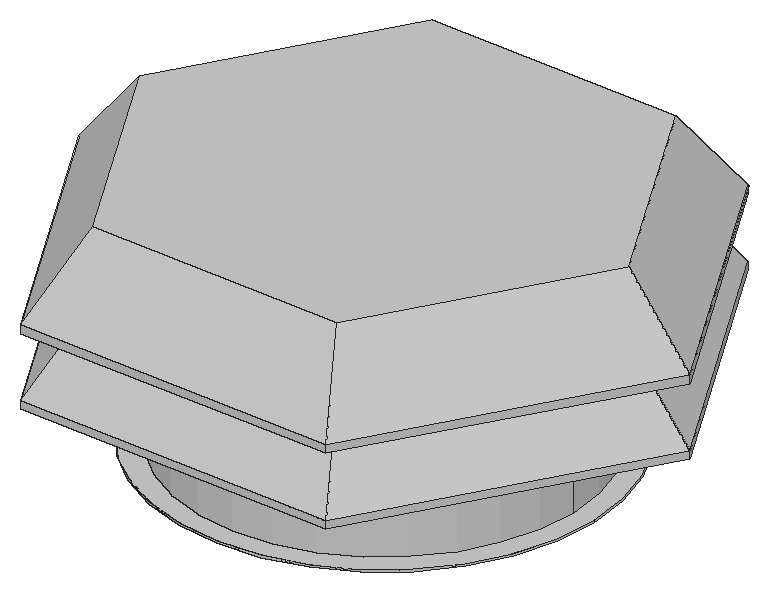
Revit family "З-ВО", category Арматура воздуховодов, Revit 2021
Family settings
  Размер круглого соединителя = Использовать диаметр
  Тип детали = Присоединяется
  На основе рабочей плоскости = Нет
  Всегда вертикально = Да
  При загрузке вырезать с полостями = Нет
  Общий = Нет
Parameters (values of type "З-ВО-1000")
  Отметка по умолчанию = 0 mm
  Вес = "83 кг"
  h1 = (H - h) / 2  # 200 mm
  a1 = A1 / sqrt(3)  # 648.48 mm
  a = A / sqrt(3)  # 810.6 mm
  Load Classification = "HVAC"
  H = 640 mm
  Dy = 1000 mm
  A1 = A / 1.25  # 1123.2 mm
  A = 1404 mm
  h = 240 mm
  Maintenance zone material = none
  Grid Material = Условный материал-отделка
  D2 = 1115 mm
  Dn = Dy + 5 mm  # 1005 mm
  Casing Material = Условный материал-отделка
  09_System_Name [instance] = ""
  00_20_Type = "З-ВО-1000"
  00_20_Name = "Зонт"
  00_20_Manufacturer = "Вентс"  # constant formula
Types (12, lengths in mm): name | Вес | h1 | a1 | a | H | Dy | A1 | A | h | D2 | Dn | 00_20_Type
  (no name) | "83 кг" | 200 | 648.48 | 810.6 | 640 | 1000 | 1123.2 | 1404 | 240 | 1115 | 1005 | "З-ВО-1000"
  З-ВО-400 | "10 кг" | 84.5 | 282.671 | 353.338 | 319 | 400 | 489.6 | 612 | 150 | 490 | 405 | "З-ВО-400"
  З-ВО-450 | "11 кг" | 84.5 | 310.384 | 387.979 | 319 | 450 | 537.6 | 672 | 150 | 540 | 455 | "З-ВО-450"
  З-ВО-1250 | "115 кг" | 200 | 788.43 | 985.537 | 685 | 1250 | 1365.6 | 1707 | 285 | 1400 | 1255 | "З-ВО-1250"
  З-ВО-500 | "14 кг" | 100 | 342.715 | 428.394 | 350 | 500 | 593.6 | 742 | 150 | 600 | 505 | "З-ВО-500"
  З-ВО-560 | "16 кг" | 100 | 364.885 | 456.107 | 350 | 560 | 632 | 790 | 150 | 660 | 565 | "З-ВО-560"
  З-ВО-630 | "20 кг" | 104.5 | 397.217 | 496.521 | 359 | 630 | 688 | 860 | 150 | 730 | 635 | "З-ВО-630"
  З-ВО-710 | "31 кг" | 135 | 456.338 | 570.422 | 420 | 710 | 790.4 | 988 | 150 | 810 | 715 | "З-ВО-710"
  З-ВО-800 | "42 кг" | 142.5 | 495.136 | 618.919 | 475 | 800 | 857.6 | 1072 | 190 | 900 | 805 | "З-ВО-800"
  З-ВО-900 | "57 кг" | 158.5 | 549.176 | 686.469 | 527 | 900 | 951.2 | 1189 | 210 | 1015 | 905 | "З-ВО-900"
  З-ВО-1000 | "83 кг" | 200 | 648.48 | 810.6 | 640 | 1000 | 1123.2 | 1404 | 240 | 1115 | 1005 | "З-ВО-1000"
  З-ВО-1120 | "99 кг" | 200 | 716.838 | 896.048 | 655 | 1120 | 1241.6 | 1552 | 255 | 1270 | 1125 | "З-ВО-1120"
Reference planes
  plane 1 "По центру (Вперед/Назад)": y = 0
  plane 2: z = 0
  plane 3 "По центру (Влево/Вправо)": x = 0
  plane 4: z = 640
Forms (mm)
  Extrusion 1, solid, material "Условный материал-отделка" <- "Casing Material"
    sketch origin (0, 0, 0) x (1, 0, 0) y (0, 1, 0)
      loop
        circle (0, 0) r 500
      loop
        circle (0, 0) r 557.5
    from 0 to 5
  Extrusion 2, solid, material "Условный материал-отделка" <- "Casing Material"
    sketch origin (0, 0, 0) x (1, 0, 0) y (0, 1, 0)
      loop
        circle (0, 0) r 500
      loop
        circle (0, 0) r 502.5
    from 5 to 235
  Extrusion 3, solid, material "Условный материал-отделка" <- "Casing Material"
    sketch origin (0, 0, 0) x (1, 0, 0) y (0, 1, 0)
      loop
        circle (0, 0) r 500
      loop
        circle (0, 0) r 557.5
    from 235 to 240
  Extrusion 4, solid, material "Условный материал-отделка" <- "Casing Material"
    sketch origin (0, 0, 0) x (1, 0, 0) y (0, 1, 0)
      loop
        line (810.6, 0) -> (405.3, 702) -> (-405.3, 702) -> (-810.6, 0) -> (-405.3, -702) -> (405.3, -702) -> (810.6, 0)
      loop
        circle (0, 0) r 500
    from 240 to 260
  Blend 5, solid, material "Условный материал-отделка" <- "Casing Material"
    base sketch origin (0, 0, 0) x (1, 0, 0) y (0, 1, 0)
      loop
        line (-405.3, 702) -> (-810.6, 0) -> (-405.3, -702) -> (405.3, -702) -> (810.6, 0) -> (405.3, 702) -> (-405.3, 702)
    top sketch origin (0, 0, 0) x (1, 0, 0) y (0, 1, 0)
      loop
        line (-324.24, 561.6) -> (-648.48, 0) -> (-324.24, -561.6) -> (324.24, -561.6) -> (648.48, 0) -> (324.24, 561.6) -> (-324.24, 561.6)
    from 260 to 460
  Blend 6, solid, material "Условный материал-отделка" <- "Casing Material"
    base sketch origin (0, 0, 0) x (1, 0, 0) y (0, 1, 0)
      loop
        line (-405.3, 702) -> (-810.6, 0) -> (-405.3, -702) -> (405.3, -702) -> (810.6, 0) -> (405.3, 702) -> (-405.3, 702)
    top sketch origin (0, 0, 0) x (1, 0, 0) y (0, 1, 0)
      loop
        line (-324.24, 561.6) -> (-648.48, 0) -> (-324.24, -561.6) -> (324.24, -561.6) -> (648.48, 0) -> (324.24, 561.6) -> (-324.24, 561.6)
    from 440 to 640
  Extrusion 7, solid, material "Условный материал-отделка" <- "Casing Material"
    sketch origin (0, 0, 0) x (1, 0, 0) y (0, 1, 0)
      loop
        line (405.3, -702) -> (810.6, 0) -> (405.3, 702) -> (-405.3, 702) -> (-810.6, 0) -> (-405.3, -702) -> (405.3, -702)
    from 420 to 440
Dimensions and locks
  locked: level to Extrusion 1 at 5
  locked: Extrusion 3 to Extrusion 3 at 5
  "h": level to Extrusion 3
  equal spacing: Extrusion 4 sketch curve, plane 3 "По центру (Влево/Вправо)", Extrusion 4 sketch curve  (x2)
  "a": Extrusion 4 sketch curve to Extrusion 4 sketch curve  (x2)
  "A": Extrusion 4 sketch curve to Extrusion 4 sketch curve
  equal spacing: Extrusion 4 sketch curve, plane 1 "По центру (Вперед/Назад)", Extrusion 4 sketch curve
  locked: Extrusion 4 to Extrusion 4 at 20
  "A": Blend 5 sketch curve to Blend 5 sketch curve
  "a": Blend 5 sketch curve to Blend 5 sketch curve  (x2)
  equal spacing: Blend 5 sketch curve, plane 3 "По центру (Влево/Вправо)", Blend 5 sketch curve  (x4)
  equal spacing: Blend 5 sketch curve, plane 1 "По центру (Вперед/Назад)", Blend 5 sketch curve  (x2)
  "A1": Blend 5 sketch curve to Blend 5 sketch curve
  "a1": Blend 5 sketch curve to Blend 5 sketch curve  (x2)
  "h1": Blend 5 to Blend 5
  equal spacing: Blend 6 sketch curve, plane 1 "По центру (Вперед/Назад)", Blend 6 sketch curve  (x2)
  "A": Blend 6 sketch curve to Blend 6 sketch curve
  equal spacing: Blend 6 sketch curve, plane 3 "По центру (Влево/Вправо)", Blend 6 sketch curve  (x4)
  "a": Blend 6 sketch curve to Blend 6 sketch curve  (x2)
  "A1": Blend 6 sketch curve to Blend 6 sketch curve
  "a1": Blend 6 sketch curve to Blend 6 sketch curve  (x2)
  "H": level to plane 4
  "h1": Blend 6 to Blend 6
  equal spacing: Extrusion 7 sketch curve, plane 3 "По центру (Влево/Вправо)", Extrusion 7 sketch curve  (x2)
  "a": Extrusion 7 sketch curve to Extrusion 7 sketch curve  (x2)
  equal spacing: Extrusion 7 sketch curve, plane 1 "По центру (Вперед/Назад)", Extrusion 7 sketch curve
  "A": Extrusion 7 sketch curve to Extrusion 7 sketch curve
  locked: Extrusion 7 to Extrusion 7 at 20
  "Dy": diameter of Extrusion 1 sketch curve
  "D2": diameter of Extrusion 1 sketch curve
  "Dn": diameter of Extrusion 2 sketch curve
  "Dy": diameter of Extrusion 2 sketch curve
  "D2": diameter of Extrusion 3 sketch curve
  "Dy": diameter of Extrusion 3 sketch curve
  "Dy": diameter of Extrusion 4 sketch curve
  locked: Extrusion 4 sketch curve to Extrusion 4 sketch curve (angle 120.00°)  (x4)
  locked: Extrusion 4 to Extrusion 4 (angle 120.00°)  (x6)
  locked: Blend 5 sketch curve to Blend 5 sketch curve (angle 120.00°)  (x9)
  locked: Blend 6 sketch curve to Blend 6 sketch curve (angle 120.00°)  (x8)
  locked: Extrusion 7 sketch curve to Extrusion 7 sketch curve (angle 120.00°)  (x4)
  aligned and locked: level to plane 2
  aligned and locked: Extrusion 2 to Extrusion 3
  aligned and locked: Extrusion 4 to Extrusion 3
  aligned and locked: Blend 5 to Extrusion 4
  aligned and locked: Blend 6 to plane 4
  aligned and locked: Extrusion 7 to Blend 6
Automatic sketch dimensions
  Extrusion 1 sketch curve to Extrusion 1 sketch curve = 0 mm  (x2)
  plane 1 "По центру (Вперед/Назад)" to Extrusion 1 sketch curve = 0 mm
  Extrusion 1 sketch curve to plane 3 "По центру (Влево/Вправо)" = 0 mm
  Extrusion 2 sketch curve to Extrusion 2 sketch curve = 0 mm  (x2)
  plane 1 "По центру (Вперед/Назад)" to Extrusion 2 sketch curve = 0 mm
  Extrusion 2 sketch curve to plane 3 "По центру (Влево/Вправо)" = 0 mm
  Extrusion 3 sketch curve to Extrusion 3 sketch curve = 0 mm  (x2)
  plane 1 "По центру (Вперед/Назад)" to Extrusion 3 sketch curve = 0 mm
  Extrusion 3 sketch curve to plane 3 "По центру (Влево/Вправо)" = 0 mm
  plane 1 "По центру (Вперед/Назад)" to Extrusion 4 sketch curve = 0 mm
  Extrusion 4 sketch curve to plane 3 "По центру (Влево/Вправо)" = 0 mm
